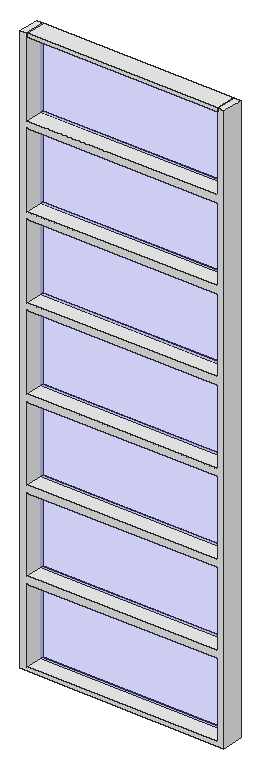
Revit family
Parameters
  창 패널 = ACW2 창 패널
  창 프레임 = ACW2 창 프레임
  Height = 4200 mm
  기본 씰 높이 = 0 mm
  Wall Closure = (empty or 0)
  Width = 1500 mm
  창 두께 = 150 mm
Reference planes
  plane 1: y = 0
  plane 2 "중심(왼쪽/오른쪽)": x = 0
  plane 3 "왼쪽": x = -750
  plane 4 "오른쪽": x = 750
  plane 5 "씰": z = 0
  plane 6 "헤드": z = 4200
  plane 7 "외부": y = 100
  plane 8 "내부": y = -100
  plane 9: z = 3600
  plane 10: z = 3000
  plane 11: z = 2400
  plane 12: z = 1800
  plane 13: z = 1200
  plane 14: z = 600
  plane 15: y = -75
  plane 16: y = 75
  plane 17: y = 66
  plane 18: y = 44
  plane 19: y = 35
  plane 20: x = -700
  plane 21: x = 700
  plane 22: z = 575
  plane 23: z = 625
  plane 24: z = 1175
  plane 25: z = 1225
  plane 26: z = 1775
  plane 27: z = 1825
  plane 28: z = 2375
  plane 29: z = 2425
  plane 30: z = 3025
  plane 31: z = 2975
  plane 32: z = 3575
  plane 33: z = 3625
  plane 34: z = 25
  plane 35: z = 4175
Forms (mm)
  Extrusion 1, solid, material "ACW2 창 프레임" <- "창 프레임"
    sketch origin (-2165.69, 265, 1175) x (0, 1, 0) y (1, 0, 0)
      loop
        line (-190, 2865.69) -> (-340, 2865.69) -> (-340, 1465.69) -> (-190, 1465.69) -> (-190, 2865.69)
    from 0 to -50
  Extrusion 2, solid, material "ACW2 창 프레임" <- "창 프레임"
    sketch origin (-2165.69, 265, 575) x (0, 1, 0) y (1, 0, 0)
      loop
        line (-190, 2865.69) -> (-340, 2865.69) -> (-340, 1465.69) -> (-190, 1465.69) -> (-190, 2865.69)
    from 0 to -50
  Extrusion 3, solid, material "ACW2 창 프레임" <- "창 프레임"
    sketch origin (-2165.69, 265, 1775) x (0, 1, 0) y (1, 0, 0)
      loop
        line (-190, 2865.69) -> (-340, 2865.69) -> (-340, 1465.69) -> (-190, 1465.69) -> (-190, 2865.69)
    from 0 to -50
  Extrusion 4, solid, material "ACW2 창 프레임" <- "창 프레임"
    sketch origin (-2165.69, 265, 2375) x (0, 1, 0) y (1, 0, 0)
      loop
        line (-190, 2865.69) -> (-340, 2865.69) -> (-340, 1465.69) -> (-190, 1465.69) -> (-190, 2865.69)
    from 0 to -50
  Extrusion 5, solid, material "ACW2 창 프레임" <- "창 프레임"
    sketch origin (-2165.69, 265, 2975) x (0, 1, 0) y (1, 0, 0)
      loop
        line (-190, 2865.69) -> (-340, 2865.69) -> (-340, 1465.69) -> (-190, 1465.69) -> (-190, 2865.69)
    from 0 to -50
  Extrusion 6, solid, material "ACW2 창 프레임" <- "창 프레임"
    sketch origin (-2165.69, 265, 3575) x (0, 1, 0) y (1, 0, 0)
      loop
        line (-190, 2865.69) -> (-340, 2865.69) -> (-340, 1465.69) -> (-190, 1465.69) -> (-190, 2865.69)
    from 0 to -50
  Extrusion 7, solid, material "ACW2 창 패널" <- "창 패널"
    sketch origin (0, 0, 0) x (1, 0, 0) y (0, 1, 0)
      loop
        line (-700, 66) -> (-700, 44) -> (700, 44) -> (700, 66) -> (-700, 66)
    from 25 to 575
  Extrusion 8, solid, material "ACW2 창 패널" <- "창 패널"
    sketch origin (0, 0, 575) x (1, 0, 0) y (0, 1, 0)
      loop
        line (-700, 66) -> (-700, 44) -> (700, 44) -> (700, 66) -> (-700, 66)
    from 50 to 600
  Extrusion 9, solid, material "ACW2 창 패널" <- "창 패널"
    sketch origin (0, 0, 1175) x (1, 0, 0) y (0, 1, 0)
      loop
        line (-700, 66) -> (-700, 44) -> (700, 44) -> (700, 66) -> (-700, 66)
    from 50 to 600
  Extrusion 10, solid, material "ACW2 창 패널" <- "창 패널"
    sketch origin (0, 0, 1775) x (1, 0, 0) y (0, 1, 0)
      loop
        line (-700, 66) -> (-700, 44) -> (700, 44) -> (700, 66) -> (-700, 66)
    from 50 to 600
  Extrusion 11, solid, material "ACW2 창 패널" <- "창 패널"
    sketch origin (0, 0, 2375) x (1, 0, 0) y (0, 1, 0)
      loop
        line (-700, 66) -> (-700, 44) -> (700, 44) -> (700, 66) -> (-700, 66)
    from 650 to 1200
  Extrusion 12, solid, material "ACW2 창 패널" <- "창 패널"
    sketch origin (0, 0, 2975) x (1, 0, 0) y (0, 1, 0)
      loop
        line (-700, 66) -> (-700, 44) -> (700, 44) -> (700, 66) -> (-700, 66)
    from -550 to 0
  Extrusion 13, solid, material "ACW2 창 패널" <- "창 패널"
    sketch origin (0, 0, 3575) x (1, 0, 0) y (0, 1, 0)
      loop
        line (-700, 66) -> (-700, 44) -> (700, 44) -> (700, 66) -> (-700, 66)
    from 50 to 600
  Extrusion 14, solid, material "ACW2 창 프레임" <- "창 프레임"
    sketch origin (0, 0, 0) x (1, 0, 0) y (0, 1, 0)
      loop
        line (-750, 75) -> (-750, -75) -> (-700, -75) -> (-700, 75) -> (-750, 75)
      loop
        line (700, 75) -> (700, -75) -> (750, -75) -> (750, 75) -> (700, 75)
    from 0 to 4200
  Extrusion 15, solid, material "ACW2 창 프레임" <- "창 프레임"
    sketch origin (-2165.69, 265, 0) x (0, 1, 0) y (1, 0, 0)
      loop
        line (-190, 2865.69) -> (-340, 2865.69) -> (-340, 1465.69) -> (-190, 1465.69) -> (-190, 2865.69)
    from 0 to -25
  Extrusion 16, solid, material "ACW2 창 프레임" <- "창 프레임"
    sketch origin (-2165.69, 265, 5050) x (0, 1, 0) y (1, 0, 0)
      loop
        line (-190, 2865.69) -> (-340, 2865.69) -> (-340, 1465.69) -> (-190, 1465.69) -> (-190, 2865.69)
    from 875 to 850
Cuts and joins
  joined: Extrusion 1, Extrusion 2, Extrusion 3, Extrusion 4, Extrusion 5, Extrusion 6, Extrusion 14, Extrusion 15
Lines and regions (mm)
  Opening 1
    outline origin (3500, -100, 0) x (1, 0, 0) y (0, 0, 1)
      loop
        line (-2750, 0) -> (-2750, 4200) -> (-4250, 4200) -> (-4250, 0) -> (-2750, 0)
Text (mm)
  text "외부" at (-1963.203, 1332.353, 0), in view "참조 레벨"
  text "내부" at (-1981.466, -818.386, 0), in view "참조 레벨"
  text "외부" at (0, 923.751, 2943.296), in view "오른쪽"
  text "외부" at (0, 1040.484, 2685.409), in view "왼쪽"
Dimensions and locks
  equal spacing: plane 3 "왼쪽", plane 2 "중심(왼쪽/오른쪽)", plane 4 "오른쪽"
  "Width": plane 3 "왼쪽" to plane 4 "오른쪽"
  "Height": plane 5 "씰" to plane 6 "헤드"
  "기본 씰 높이": plane 5 "씰" to level
  locked: plane 7 "외부" to host wall at 0
  locked: plane 8 "내부" to host wall
  "창 두께": plane 16 to plane 15
  equal spacing: plane 16, plane 1, plane 15
  plane 16 to plane 17 to plane 18 to plane 19 = 9 mm locked, 22 mm locked, 9 mm locked
  locked: plane 3 "왼쪽" to plane 20 at 50
  locked: plane 21 to plane 4 "오른쪽" at 50
  locked: plane 35 to plane 6 "헤드" at 25
  plane 32 to plane 9 to plane 33 = 25 mm locked, 25 mm locked
  plane 31 to plane 10 to plane 30 = 25 mm locked, 25 mm locked
  plane 28 to plane 11 to plane 29 = 25 mm locked, 25 mm locked
  plane 26 to plane 12 to plane 27 = 25 mm locked, 25 mm locked
  plane 24 to plane 13 to plane 25 = 25 mm locked, 25 mm locked
  plane 22 to plane 14 to plane 23 = 25 mm locked, 25 mm locked
  locked: plane 5 "씰" to plane 34 at 25
  equal spacing: plane 5 "씰", plane 14, plane 13, plane 12, plane 11, plane 10, plane 9, plane 6 "헤드"
  aligned and locked: Extrusion 7 to plane 22
  aligned and locked: Extrusion 8 to plane 24
  aligned and locked: plane 3 "왼쪽" to Extrusion 14 sketch curve
  aligned and locked: Extrusion 14 sketch curve to plane 16
  aligned and locked: plane 15 to Extrusion 14 sketch curve
  aligned and locked: plane 4 "오른쪽" to Extrusion 14 sketch curve
  aligned and locked: Extrusion 14 to host wall
  aligned and locked: Extrusion 16 to host wall
  aligned and locked: plane 35 to Extrusion 16
  aligned and locked: Extrusion 16 to plane 6 "헤드"
  aligned and locked: plane 34 to Extrusion 15
  aligned and locked: plane 5 "씰" to Extrusion 15
  aligned and locked: Extrusion 7 to plane 34
  aligned and locked: plane 5 "씰" to Extrusion 14
  aligned and locked: Extrusion 13 to plane 35
  aligned and locked: Extrusion 6 to plane 33
  aligned and locked: plane 32 to Extrusion 6
  aligned and locked: plane 33 to Extrusion 13
  aligned and locked: Extrusion 2 to plane 23
  aligned and locked: plane 22 to Extrusion 2
  aligned and locked: plane 23 to Extrusion 8
  aligned and locked: Extrusion 1 to plane 25
  aligned and locked: plane 24 to Extrusion 1
  aligned and locked: plane 25 to Extrusion 9
  aligned and locked: Extrusion 3 to plane 27
  aligned and locked: plane 26 to Extrusion 3
  aligned and locked: plane 27 to Extrusion 10
  aligned and locked: Extrusion 9 to plane 26
  aligned and locked: Extrusion 5 to plane 30
  aligned and locked: plane 31 to Extrusion 5
  aligned and locked: Extrusion 4 to plane 29
  aligned and locked: plane 28 to Extrusion 4
  aligned and locked: Extrusion 10 to plane 28
  aligned and locked: Extrusion 11 to plane 32
  aligned and locked: plane 29 to Extrusion 12
  aligned and locked: Extrusion 12 to plane 31
  aligned and locked: plane 30 to Extrusion 11
  aligned and locked: plane 5 "씰" to Opening 1 sketch curve
  aligned and locked: plane 4 "오른쪽" to Opening 1 sketch curve
  aligned and locked: plane 3 "왼쪽" to Opening 1 sketch curve
Automatic sketch dimensions
  Extrusion 1 sketch curve to plane 15 = 0 mm
  Extrusion 1 sketch curve to plane 16 = 0 mm
  Extrusion 1 sketch curve to plane 21 = 0 mm
  Extrusion 1 sketch curve to plane 20 = 0 mm
  Extrusion 2 sketch curve to plane 15 = 0 mm
  Extrusion 2 sketch curve to plane 16 = 0 mm
  Extrusion 2 sketch curve to plane 21 = 0 mm
  Extrusion 2 sketch curve to plane 20 = 0 mm
  Extrusion 3 sketch curve to plane 15 = 0 mm
  Extrusion 3 sketch curve to plane 16 = 0 mm
  Extrusion 3 sketch curve to plane 21 = 0 mm
  Extrusion 3 sketch curve to plane 20 = 0 mm
  Extrusion 4 sketch curve to plane 15 = 0 mm
  Extrusion 4 sketch curve to plane 16 = 0 mm
  Extrusion 4 sketch curve to plane 21 = 0 mm
  Extrusion 4 sketch curve to plane 20 = 0 mm
  Extrusion 5 sketch curve to plane 15 = 0 mm
  Extrusion 5 sketch curve to plane 16 = 0 mm
  Extrusion 5 sketch curve to plane 21 = 0 mm
  Extrusion 5 sketch curve to plane 20 = 0 mm
  Extrusion 6 sketch curve to plane 15 = 0 mm
  Extrusion 6 sketch curve to plane 16 = 0 mm
  Extrusion 6 sketch curve to plane 21 = 0 mm
  Extrusion 6 sketch curve to plane 20 = 0 mm
  Extrusion 7 sketch curve to plane 18 = 0 mm
  Extrusion 7 sketch curve to plane 20 = 0 mm
  Extrusion 7 sketch curve to plane 21 = 0 mm
  Extrusion 7 sketch curve to plane 17 = 0 mm
  Extrusion 8 sketch curve to plane 18 = 0 mm
  Extrusion 8 sketch curve to plane 20 = 0 mm
  Extrusion 8 sketch curve to plane 21 = 0 mm
  Extrusion 8 sketch curve to plane 17 = 0 mm
  Extrusion 9 sketch curve to plane 18 = 0 mm
  Extrusion 9 sketch curve to plane 20 = 0 mm
  Extrusion 9 sketch curve to plane 21 = 0 mm
  Extrusion 9 sketch curve to plane 17 = 0 mm
  Extrusion 10 sketch curve to plane 18 = 0 mm
  Extrusion 10 sketch curve to plane 20 = 0 mm
  Extrusion 10 sketch curve to plane 21 = 0 mm
  Extrusion 10 sketch curve to plane 17 = 0 mm
  Extrusion 11 sketch curve to plane 18 = 0 mm
  Extrusion 11 sketch curve to plane 20 = 0 mm
  Extrusion 11 sketch curve to plane 21 = 0 mm
  Extrusion 11 sketch curve to plane 17 = 0 mm
  Extrusion 12 sketch curve to plane 18 = 0 mm
  Extrusion 12 sketch curve to plane 20 = 0 mm
  Extrusion 12 sketch curve to plane 21 = 0 mm
  Extrusion 12 sketch curve to plane 17 = 0 mm
  Extrusion 13 sketch curve to plane 18 = 0 mm
  Extrusion 13 sketch curve to plane 20 = 0 mm
  Extrusion 13 sketch curve to plane 21 = 0 mm
  Extrusion 13 sketch curve to plane 17 = 0 mm
  Extrusion 15 sketch curve to plane 15 = 0 mm
  Extrusion 15 sketch curve to plane 16 = 0 mm
  Extrusion 15 sketch curve to plane 21 = 0 mm
  Extrusion 15 sketch curve to plane 20 = 0 mm
  Extrusion 16 sketch curve to plane 15 = 0 mm
  Extrusion 16 sketch curve to plane 16 = 0 mm
  Extrusion 16 sketch curve to plane 21 = 0 mm
  Extrusion 16 sketch curve to plane 20 = 0 mm
  Extrusion 14 sketch curve to plane 15 = 0 mm
  Extrusion 14 sketch curve to plane 20 = 0 mm
  Extrusion 14 sketch curve to plane 16 = 0 mm
  Extrusion 14 sketch curve to plane 21 = 0 mm
  Opening 1 sketch curve to plane 6 "헤드" = 0 mm
